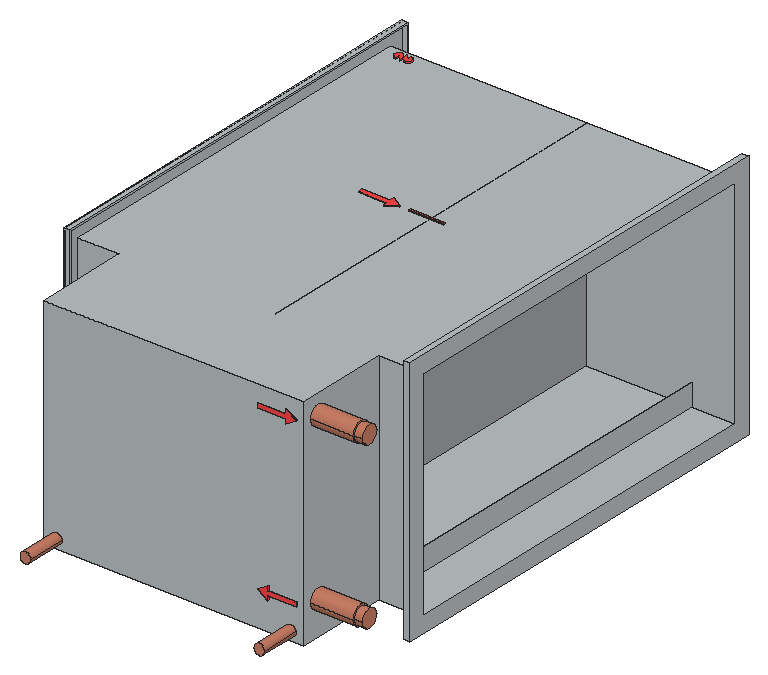
Revit family "NLRS_57_DUA_UN_rectangular-cooloer-acxkkx8-14_LT_sacs", category Duct Accessories, Revit 2023
Family settings
  Round Connector Dimension = Use Diameter
  Part Type = Breaks Into
  OmniClass Number = 23.75.10.24.21
  OmniClass Title = Cooling and Freeze Components
  Work Plane-Based = No
  Always vertical = Yes
  Cut with Voids When Loaded = No
  Shared = No
Parameters (values of type "ACxKKx8-14")
  Water connection Right [instance] = yes
  Type IFC Predefined Type = "Cooler"
  SACS_Y_Offset2 [instance] = if(Water connection Right, SACS_Duct_Width + SACS_Length_Y - 20 mm, 65 mm)  # 540 mm
  SACS_Y_Offset [instance] = if(Water connection Right, 0 mm, SACS_Length_Y + 45 mm)  # 0 mm
  SACS_Warning_Text_Size [instance] = if(SACS_Warning_Size, "Invalid duct size. Nearest larger size selected", " ")  # " "
  SACS_Warning_Text_Other [instance] = if(SACS_Warning_Other, "Selected configuration not allowed", if([Cooler circuits (1-26)] > 22, "Use family ACxKKx23-26", if([Cooler circuits (1-26)] > 14, "Use family ACxKKx15-22", if([Cooler circuits (1-26)] < 8, "Use family ACxKKx1-7", " "))))  # " "
  SACS_Warning_Size [instance] = or(not(NLRS_M_c01_breedte = SACS_Duct_Width), not(NLRS_M_c01_hoogte = SACS_Duct_Height))  # no
  SACS_Warning_Sign [instance] = and(not(SACS_Disable_Warning), or(SACS_Warning_Size, SACS_Warning_Other))  # no
  SACS_Warning_Other [instance] = or([Cooler rows (2-10)] < 2, [Cooler rows (2-10)] > 10, [Cooler circuits (1-26)] < 1, [Cooler circuits (1-26)] > 26)  # no
  SACS_Use_Manual_Airflow [instance] = no
  SACS_Right_Box [instance] = if(Water connection Right, SACS_Duct_Width + SACS_Length_Y, SACS_Y_Offset - 1 mm)  # 560 mm
  SACS_Plenum_L [instance] = if(SACS_Index1 < 7 mm, 400 mm, 500 mm)  # 400 mm
  SACS_Offset2 [instance] = if(Water connection Right, SACS_Right_Box + 45 mm, 45 mm)  # 605 mm
  SACS_Offset1 [instance] = if(Water connection Right, SACS_Right_Box, 0 mm)  # 560 mm
  SACS_Model [instance] = size_lookup(SACS_Data_Hidden, "Model", "NB", SACS_Duct_Width, SACS_Duct_Height, SACS_Index1, SACS_Index2, SACS_Index3)  # "AC2KKR-25-08 450x250"
  SACS_Manual_Airflow [instance] = 0.0 m³/h
  SACS_Left_Box [instance] = if(Water connection Right, SACS_Duct_Width + 1 mm, 45 mm)  # 451 mm
  SACS_Index3 [instance] = if(Water connection Right, 0 mm, 1 mm)  # 0 mm
  SACS_Index2 [instance] = if([Cooler circuits (1-26)] < 1, 1, if([Cooler circuits (1-26)] > 26, 26, [Cooler circuits (1-26)])) * 1 mm  # 8 mm
  SACS_Index1 [instance] = if([Cooler rows (2-10)] < 2, 2, if([Cooler rows (2-10)] > 10, 10, [Cooler rows (2-10)])) * 1 mm  # 2 mm
  SACS_Disable_Warning [instance] = no
  SACS_Data_Hidden [instance] = if(Water connection Right, "AC-KKR_8-14", "AC-KKL_8-14")  # "AC-KKR_8-14"
  SACS_Battery_Length [instance] = SACS_Index1 * 28  # 56 mm
  URL = "https://solid-air.nl/producten/solid-air-nakoeler-ac-k/"
  Type Comments = "Check flow directions, do not mirror!"  # constant formula
  SACS_Y_Offset3 [instance] = if(Water connection Right, -1 mm, SACS_Length_Y - 1 mm)  # -1 mm
  SACS_Type_Mark [instance] = ""
  SACS_Offset_RL [instance] = if(Water connection Right, 20 mm, SACS_Duct_Width + SACS_Length_Y - 19 mm)  # 20 mm
  SACS_Length_Y [instance] = 90 mm + NLRS_P_c01_diameter  # 110 mm
  SACS_Index_Side [instance] = if(Water connection Right, 0, 1)  # 0
  SACS_Flange_Height [instance] = if(or(SACS_Duct_Height > 650 mm, SACS_Duct_Width > 650 mm), 29 mm, 19 mm)  # 19 mm
  SACS_Duct_Width [instance] = if(roundup(NLRS_M_c01_breedte / 50 mm) * 50 < 200, 200 mm, if(roundup(NLRS_M_c01_breedte / 50 mm * 50) > 2000, 2000 mm, roundup(NLRS_M_c01_breedte / 50 mm) * 50 mm))  # 450 mm
  SACS_Duct_Height [instance] = if(roundup(NLRS_M_c01_hoogte / 50 mm) * 50 < 200, 200 mm, if(roundup(NLRS_M_c01_hoogte / 50 mm * 50) > 1600, 1600 mm, roundup(NLRS_M_c01_hoogte / 50 mm) * 50 mm))  # 250 mm
  SACS_Diameter2 [instance] = NLRS_P_c01_diameter + 2 mm  # 22 mm
  SACS_Air_Flow [instance] = 0.0 m³/h
  SA-Select [instance] = "https://saselect.solid-air.nl/"
  NLRS_P_c01_drukverlies_statisch [instance] = 0.0 Pa
  NLRS_P_c01_diameter [instance] = if([Cooler circuits (1-26)] < 8, 15 mm, if([Cooler circuits (1-26)] < 15, 20 mm, if([Cooler circuits (1-26)] < 23, 25 mm, 32 mm)))  # 20 mm
  NLRS_M_c01_hoogte [instance] = 250 mm
  NLRS_M_c01_drukverlies_statisch [instance] = 0.0 Pa
  NLRS_M_c01_breedte [instance] = 450 mm
  NLRS_C_model [instance] = SACS_Model  # "AC2KKR-25-08 450x250"
  NLRS_C_description = Description  # "Cooling battery AC_KK - Rectangular connector - Solid Air"
  NLRS_C_content_versie = "4.23.01"  # constant formula
  NLRS_C_content_provider = "Solid Air Climate Solutions"  # constant formula
  NLRS_C_content_datum_uitgifte = "01-04-2026"  # constant formula
  NLRS_C_content_creator = "J. Feeke"  # constant formula
  NLRS_C_artikel_code [instance] = size_lookup(SACS_Data_Hidden, "Artikelcode", "NB", SACS_Duct_Width, SACS_Duct_Height, SACS_Index1, SACS_Index2, SACS_Index3)  # "NB"
  Export Type to IFC As = "IfcHeatExchanger"
  Default Elevation = 0 mm
  NLRS_P_c01_volumestroom [instance] = 0.0 L/s
  NLRS_M_c01_debiet [instance] = abs(if(SACS_Use_Manual_Airflow, SACS_Manual_Airflow, SACS_Air_Flow))  # 0.0 m³/h
  Model = "AC_KK"  # constant formula
  Manufacturer = "Solid Air Climate Solutions"  # constant formula
  LoadBearing [instance] = 1 = 0  # no
  Keynote = ""
  IsExternal [instance] = 1 = 0  # no
  IfcExportType = "Cooler"  # constant formula
  IfcExportAs = "IfcHeatExchanger"  # constant formula
  IfcDescription = Description  # "Cooling battery AC_KK - Rectangular connector - Solid Air"
  Cooler rows (2-10) [instance] = 2
  FireRating [instance] = "00"  # constant formula
  Description = "Cooling battery AC_KK - Rectangular connector - Solid Air"  # constant formula
  Cost = 0
  Cooler circuits (1-26) [instance] = 8
  Assembly Code = "57.00"
Reference planes
  plane 1 "Center (Front/Back)": y = 0
  plane 2: z = 0
  plane 3 "Center (Left/Right)": x = 0
  plane 4 "top": z = 125
  plane 5 "bottom": z = -125
  plane 6 "left": x = -200
  plane 7 "right": x = 200
  plane 8 "back": y = 225
  plane 9 "Front": y = -225
  plane 10 "box": y = -335
  plane 11: y = -226
  plane 12: y = 225
Forms (mm)
  Sweep 1, solid, material "NLRS_57_sendzimir verzinkt_gen_sacs", detail levels medium+fine
    path in 3D
      loop
        line (0, -225, -125) -> (0, 225, -125) -> (0, 225, 125) -> (0, -225, 125) -> (0, -225, -125)
    profile "casing : casing" origin (0, -225, 0) x (0, 1, 0) y (1, 0, 0)
      loop
        line (0, -200) -> (0, 200) -> (-19, 200) -> (-19, 192.5) -> (-18, 192.5) -> (-18, 199) -> (-1, 199) -> (-1, -199) -> (-18, -199) -> (-18, -192.5) -> (-19, -192.5) -> (-19, -200) -> (0, -200)
  Extrusion 2, solid, material "NLRS_57_sendzimir verzinkt_gen_sacs", detail levels medium+fine
    sketch origin (0, 0, 0) x (1, 0, 0) y (0, 1, 0)
      loop
        line (-150, -226) -> (-150, -335) -> (150, -335) -> (150, -226) -> (-150, -226)
    from -126 to 126
  Extrusion 3, solid, material "Koper", detail levels medium+fine
    sketch origin (200, 0, 0) x (0, 1, 0) y (0, 0, 1)
      loop
        circle (-315, 105) r 11
      loop
        circle (-315, -85) r 11
    from -50 to 0
  Extrusion 4, solid, material "Koper", detail levels medium+fine
    sketch origin (200, 0, 0) x (0, 1, 0) y (0, 0, 1)
      loop
        circle (-315, 105) r 10
      loop
        circle (-315, -85) r 10
    from 0 to 10
  Extrusion 5, solid, material "NLRS_57_anodised aluminium_gen_sacs", detail levels medium+fine
    sketch origin (0, 0, 0) x (1, 0, 0) y (0, 1, 0)
      loop
        line (-28, 225) -> (-28, -225) -> (28, -225) -> (28, 225) -> (-28, 225)
    from -125 to 125
  Extrusion 6, solid, material "SACS_Label", detail levels medium+fine
    sketch origin (0, 0, 125) x (-1, 0, 0) y (0, -1, 0)
      loop
        line (-4.439, -1) -> (-4.439, 1) -> (-44.439, 1) -> (-44.439, -1) -> (-4.439, -1)
    from 1 to 2
  Extrusion 7, solid, material "Koper", detail levels medium+fine
    sketch origin (0, 0, 0) x (1, 0, 0) y (0, 0, 1)
      loop
        circle (-135, -115) r 6
      loop
        circle (135, -115) r 6
    from 335 to 380
  Extrusion 8, solid, material "NLRS_57_sendzimir verzinkt_gen_sacs", detail levels medium+fine
    sketch origin (0, 0, 0) x (1, 0, 0) y (0, 0, 1)
      loop
        line (149, -100) -> (149, -125) -> (150, -125) -> (150, -100) -> (149, -100)
      loop
        line (-150, -100) -> (-150, -125) -> (-149, -125) -> (-149, -100) -> (-150, -100)
    from -225 to 225
Cuts and joins
  joined: Sweep 1, Extrusion 2
Lines and regions (mm)
  model lines, not visible
    curve 1: line (0, 225, 125) -> (0, -225, 125)
    curve 2: line (0, 225, -125) -> (0, 225, 125)
    curve 3: line (0, -225, -125) -> (0, 225, -125)
    curve 4: line (0, -225, 125) -> (0, -225, -125)
  sketch lines
    curve 5: line (0, -225, 125) -> (0, -225, -125)
    curve 6: line (0, 225, 125) -> (0, -225, 125)
    curve 7: line (0, 225, -125) -> (0, 225, 125)
    curve 8: line (0, -225, -125) -> (0, 225, -125)
Dimensions and locks
  equal spacing: plane 4 "top", level, plane 5 "bottom"
  "SACS_Duct_Height": plane 4 "top" to plane 5 "bottom"
  equal spacing: plane 6 "left", plane 3 "Center (Left/Right)", plane 7 "right"
  equal spacing: plane 8 "back", plane 1 "Center (Front/Back)", plane 9 "Front"
  "SACS_Duct_Width": plane 8 "back" to plane 9 "Front"
  "SACS_Plenum_L": plane 6 "left" to plane 7 "right"
  "SACS_Y_Offset": plane 12 to plane 8 "back"
  "SACS_Left_Box": plane 12 to plane 11
  "SACS_Right_Box": plane 12 to plane 10 "box"
  locked: Extrusion 2 sketch curve to plane 7 "right" at 50
  locked: plane 6 "left" to Extrusion 2 sketch curve at 50
  locked: Extrusion 2 to plane 4 "top" at 1
  locked: plane 5 "bottom" to Extrusion 2 at 1
  "SACS_Y_Offset2": Extrusion 3 sketch curve to plane 12
  locked: plane 4 "top" to Extrusion 3 sketch curve at 20
  locked: Extrusion 3 sketch curve to plane 5 "bottom" at 40
  "SACS_Y_Offset2": plane 12 to Extrusion 3 sketch curve
  locked: Extrusion 3 to plane 7 "right" at 50
  locked: Extrusion 4 sketch curve to plane 5 "bottom" at 40
  locked: plane 4 "top" to Extrusion 4 sketch curve at 20
  "SACS_Y_Offset2": plane 12 to Extrusion 4 sketch curve  (x2)
  locked: plane 7 "right" to Extrusion 4 at 10
  equal spacing: Extrusion 5 sketch curve, plane 3 "Center (Left/Right)", Extrusion 5 sketch curve
  "SACS_Battery_Length": Extrusion 5 sketch curve to Extrusion 5 sketch curve
  locked: plane 7 "right" to nested 1 at 80
  locked: plane 7 "right" to nested 2 at 80
  locked: nested 3 to plane 3 "Center (Left/Right)" at 30
  Extrusion 6 sketch curve to plane 1 "Center (Front/Back)" to Extrusion 6 sketch curve = 1 mm locked, 1 mm locked
  locked: plane 6 "left" to nested 4 at 25
  locked: plane 8 "back" to nested 4 at 10
  "SACS_Offset1": plane 12 to Extrusion 7
  "SACS_Offset2": plane 12 to Extrusion 7
  locked: Extrusion 7 sketch curve to plane 5 "bottom" at 10  (x2)
  locked: Extrusion 7 sketch curve to plane 6 "left" at 65
  locked: plane 7 "right" to Extrusion 7 sketch curve at 65
  locked: plane 7 "right" to Extrusion 8 sketch curve at 51
  locked: plane 7 "right" to Extrusion 8 sketch curve at 50
  locked: Extrusion 8 sketch curve to plane 5 "bottom" at 25  (x2)
  locked: Extrusion 8 sketch curve to plane 6 "left" at 50
  locked: Extrusion 8 sketch curve to plane 6 "left" at 51
  locked: nested 1 to plane 5 "bottom" at 40
  locked: plane 4 "top" to nested 2 at 20
  "SACS_Diameter2": diameter of Extrusion 3 sketch curve  (x2)
  "NLRS_P_c01_diameter": diameter of Extrusion 4 sketch curve  (x2)
  aligned and locked: level to plane 2
  aligned and locked: curve 1 to plane 4 "top"
  aligned and locked: plane 9 "Front" to curve 4
  aligned and locked: plane 5 "bottom" to curve 3
  aligned and locked: curve 2 to plane 8 "back"
  aligned and locked: Extrusion 2 sketch curve to plane 11
  aligned and locked: plane 10 "box" to Extrusion 2 sketch curve
  aligned and locked: plane 7 "right" to Extrusion 3
  aligned and locked: plane 8 "back" to Extrusion 5
  aligned and locked: Extrusion 5 to plane 9 "Front"
  aligned and locked: Extrusion 5 to plane 5 "bottom"
  aligned and locked: plane 4 "top" to Extrusion 5
  aligned and locked: plane 1 "Center (Front/Back)" to nested 3
  aligned and locked: plane 3 "Center (Left/Right)" to nested 5
  aligned and locked: plane 5 "bottom" to Extrusion 8 sketch curve
  aligned and locked: Extrusion 8 to plane 9 "Front"
  aligned and locked: plane 8 "back" to Extrusion 8
Automatic sketch dimensions
  plane 3 "Center (Left/Right)" to Extrusion 6 sketch curve = 44.439 mm
  plane 3 "Center (Left/Right)" to Extrusion 6 sketch curve = 4.439 mm
  Extrusion 8 sketch curve to plane 5 "bottom" = 0 mm
  Extrusion 5 sketch curve to plane 9 "Front" = 0 mm
  Extrusion 5 sketch curve to plane 8 "back" = 0 mm
  radius of Extrusion 7 sketch curve = 6 mm  (x2)
Nested families
  nested 1: "arrow" at (120, -336, -85) x (-1, 0, 0) z (0, 1, 0), built-in parameter 1001364 <- "SACS_Y_Offset3", type "arrow", detail levels medium+fine
  nested 2: "arrow" at (120, -336, 105) x (1, 0, 0) z (0, 1, 0), built-in parameter 1001364 <- "SACS_Y_Offset3", type "arrow", detail levels medium+fine
  nested 3: "arrow" at (-30, 0, 126), type "arrow", detail levels medium+fine
  nested 4: "logo_single" at (-175, 215, 125), type "logo_single", detail levels medium+fine
  nested 5: "NK-Symbol" at (0, 0, 125), type "NK-Top", detail levels coarse
  nested 6: "Warning" at (0, 0, 125), visible <- "SACS_Warning_Size", type "Warning", detail levels medium+fine
  nested 7: "NK-Symbol" at (0, 0, 0) x (1, 0, 0) z (0, -1, 0), type "NK-Side"
Connectors
  hvac at (-200, 0, 0), driven by "NLRS_M_c01_hoogte", driven by "NLRS_M_c01_breedte", driven by "NLRS_M_c01_debiet", driven by "NLRS_M_c01_drukverlies_statisch"
    settings: on cut or joined group of Sweep 1, Extrusion 2, index 1, duct flow 0.0 m³/h, flow factor 0, pres drop 0.0 Pa, loss coef 0, conn angle 0.00°, conn width 450 mm, conn height 250 mm, conn diameter 609.6 mm, duct sys type 29, conn prof type 1, flow config 1, flow direction 1, loss method 4, conn ref index -1, conn util no, is conn primary yes, conn desc ""
  hvac at (200, 0, 0), driven by "NLRS_M_c01_hoogte", driven by "NLRS_M_c01_breedte", driven by "SACS_Air_Flow"
    settings: on cut or joined group of Sweep 1, Extrusion 2, index 2, duct flow 0.0 m³/h, flow factor 0, pres drop 0.0 Pa, loss coef 0, conn angle 0.00°, conn width 450 mm, conn height 250 mm, conn diameter 609.6 mm, duct sys type 29, conn prof type 1, flow config 0, flow direction 2, loss method 0, conn ref index -1, conn util no, is conn primary no, conn desc ""
  piping at (200, -315, -85), diameter 20, driven by "NLRS_P_c01_diameter", driven by "NLRS_P_c01_volumestroom", driven by "NLRS_P_c01_drukverlies_statisch"
    settings: on Extrusion 4, index 3, connector inside diameter 24", connector length 0 mm, flow factor 0, pipe flow 0.0 L/s, pressure drop 0.0 Pa, fitting loss kfactor 0, connector angle 0.00°, fixture units 0, engagement length 0 mm, angle of deflection 0.00°, flow configuration 1, flow direction 1, fitting loss method 4, system type 7, joint type 0, gender type 0, connector reference index -1, connector utility 0, adjustable connector no, is connector primary yes, connector description ""
  piping at (200, -315, 105), diameter 20, driven by "NLRS_P_c01_diameter", driven by "NLRS_P_c01_volumestroom", driven by "NLRS_P_c01_drukverlies_statisch"
    settings: on Extrusion 4, index 4, connector inside diameter 24", connector length 0 mm, flow factor 0, pipe flow 0.0 L/s, pressure drop 0.0 Pa, fitting loss kfactor 0, connector angle 0.00°, fixture units 0, engagement length 0 mm, angle of deflection 0.00°, flow configuration 1, flow direction 2, fitting loss method 4, system type 8, joint type 0, gender type 0, connector reference index -1, connector utility 0, adjustable connector no, is connector primary no, connector description ""
Definition of nested family "arrow"
  Parameters (values of type "arrow")
    Default Elevation = 1219.2 mm
  Reference planes
    plane 1 "Center (Front/Back)": y = 0
    plane 2: z = 0
    plane 3 "Center (Left/Right)": x = 0
  Forms (mm)
    Extrusion 1, solid
      sketch origin (0, 48.354, 0) x (-1, 0, 0) y (0, -1, 0)
        loop
          line (22.513, 50.854) -> (-10.002, 50.854) -> (-10.002, 55.854) -> (-22.513, 48.354) -> (-10.002, 40.854) -> (-10.002, 45.854) -> (22.513, 45.854) -> (22.513, 50.854)
      from 0 to 1
  Dimensions and locks
    aligned and locked: level to plane 2
Definition of nested family "logo_single"
  Parameters (values of type "logo_single")
    t = 5 mm
    Model = "LOD 400"
    Description = "Model type"
    Default Elevation = 1219.2 mm
  Reference planes
    plane 1 "Center (Front/Back)": y = 0
    plane 2: z = 0
    plane 3 "Center (Left/Right)": x = 0
    plane 4: z = 2
    plane 5: x = -10
    plane 6: y = -5
    plane 7: y = 5
    plane 8: x = -5
    plane 9: x = 5
    plane 10: x = 10
  Forms (mm)
    Extrusion 1, solid
      sketch origin (-547.644, -297.937, 0) x (1, 0, 0) y (0, 1, 0)
        loop
          arc (542.644, 302.937) -> (537.644, 297.937) -> (542.644, 292.937) r 5
          line (542.644, 292.937) -> (542.644, 297.937) -> (547.644, 292.937) -> (547.644, 297.937) -> (542.644, 302.937)
      from 0 to 2
    Extrusion 2, solid
      sketch origin (0, 0, 0) x (1, 0, 0) y (0, 1, 0)
        loop
          arc (5, -5) -> (10, 0) -> (5, 5) r 5
          line (5, 5) -> (5, 0) -> (0, 5) -> (0, 0) -> (5, -5)
      from 0 to 2
  Dimensions and locks
    "t": plane 7 to plane 1 "Center (Front/Back)"
    "t": plane 6 to plane 1 "Center (Front/Back)"
    "t": plane 5 to plane 8
    "t": plane 8 to plane 3 "Center (Left/Right)"
    "t": plane 3 "Center (Left/Right)" to plane 9
    "t": plane 9 to plane 10
    aligned and locked: level to plane 2
    aligned and locked: plane 4 to Extrusion 1
  Automatic sketch dimensions
    plane 1 "Center (Front/Back)" to Extrusion 1 sketch curve = 0 mm  (x3)
    Extrusion 1 sketch curve to plane 8 = 0 mm
    Extrusion 1 sketch curve to plane 7 = 0 mm
    Extrusion 1 sketch curve to plane 3 "Center (Left/Right)" = 0 mm
    Extrusion 1 sketch curve to plane 6 = 0 mm
    Extrusion 2 sketch curve to plane 3 "Center (Left/Right)" = 0 mm
    plane 1 "Center (Front/Back)" to Extrusion 2 sketch curve = 0 mm  (x3)
    Extrusion 2 sketch curve to plane 6 = 0 mm
    Extrusion 2 sketch curve to plane 9 = 0 mm
    Extrusion 2 sketch curve to plane 7 = 0 mm
Definition of nested family "NK-Symbol"
  Parameters (values of type "NK-Symbol")
    Width = 450 mm
    Length = 400 mm
    Half_Width = Width / 2  # 225 mm
  Reference planes
    plane 1 "Center (Front/Back)": y = 0
    plane 2: z = 0
    plane 3 "Center (Left/Right)": x = 0
    plane 4: x = -200
    plane 5: x = 200
    plane 6: y = -225
    plane 7: y = 225
    plane 8: x = 150
    plane 9: x = -175
    plane 10: y = 200
    plane 11: x = -417.698
    plane 12: y = 67.059
  Lines and regions (mm)
    detail lines, in view "Ref. Level"
      curve 1: line (-200, 225, 0) -> (200, 225, 0)
      curve 2: line (-200, -225, 0) -> (-200, 225, 0)
      curve 3: line (200, -225, 0) -> (-200, -225, 0)
      curve 4: line (200, 225, 0) -> (200, -225, 0)
      curve 5: line (-200, -225, 0) -> (200, 225, 0)
      curve 6: line (125, 0, 0) -> (175, 0, 0)
      curve 7: line (-191.355, 212.5, 0) -> (-191.355, 187.5, 0)
      curve 8: line (-191.355, 200, 0) -> (-178.855, 212.5, 0)
      curve 9: line (-178.855, 187.5, 0) -> (-191.355, 200, 0)
      curve 13: spline (-163.429, 187.5, 0) -> (-165.461, 187.926, 0) -> (-167.355, 189.175, 0) -> (-168.98, 191.161, 0) -> (-170.228, 193.75, 0) -> (-171.012, 196.765, 0) -> (-171.28, 200, 0) -> (-171.012, 203.235, 0) -> (-170.228, 206.25, 0) -> (-168.98, 208.839, 0) -> (-167.355, 210.825, 0) -> (-165.461, 212.074, 0) -> (-163.429, 212.5, 0) -> (-161.397, 212.074, 0) -> (-159.504, 210.825, 0) -> (-157.878, 208.839, 0) -> (-156.631, 206.25, 0) -> (-155.846, 203.235, 0) -> (-155.579, 200, 0) -> (-155.846, 196.765, 0) -> (-156.631, 193.75, 0) -> (-157.878, 191.161, 0) -> (-159.504, 189.175, 0) -> (-161.397, 187.926, 0) -> (-163.429, 187.5, 0)
    detail lines, in view "Ref. Level", not visible
      curve 10: line (-434.053, 79.559, 0) -> (-434.053, 54.559, 0)
      curve 11: line (-434.053, 67.059, 0) -> (-421.553, 79.559, 0)
      curve 12: line (-421.553, 54.559, 0) -> (-434.053, 67.059, 0)
      curve 14: spline (-406.128, 54.559, 0) -> (-408.16, 54.985, 0) -> (-410.053, 56.234, 0) -> (-411.679, 58.22, 0) -> (-412.926, 60.809, 0) -> (-413.711, 63.824, 0) -> (-413.978, 67.059, 0) -> (-413.711, 70.294, 0) -> (-412.926, 73.309, 0) -> (-411.679, 75.898, 0) -> (-410.053, 77.884, 0) -> (-408.16, 79.133, 0) -> (-406.128, 79.559, 0) -> (-404.096, 79.133, 0) -> (-402.202, 77.884, 0) -> (-400.577, 75.898, 0) -> (-399.329, 73.309, 0) -> (-398.545, 70.294, 0) -> (-398.277, 67.059, 0) -> (-398.545, 63.824, 0) -> (-399.329, 60.809, 0) -> (-400.577, 58.22, 0) -> (-402.202, 56.234, 0) -> (-404.096, 54.985, 0) -> (-406.128, 54.559, 0)
  Dimensions and locks
    "Half_Width": plane 1 "Center (Front/Back)" to plane 6
    "Half_Width": plane 7 to plane 1 "Center (Front/Back)"
    "Length": plane 4 to plane 5
    equal spacing: plane 4, plane 3 "Center (Left/Right)", plane 5
    locked: curve 6 to plane 8 at 25
    locked: plane 8 to curve 6 at 25
    locked: plane 4 to plane 9 at 25
    locked: plane 7 to plane 10 at 25
    locked: plane 8 to plane 5 at 50
    aligned and locked: plane 4 to curve 2
    aligned and locked: curve 1 to plane 7
    aligned and locked: curve 4 to plane 5
    aligned and locked: plane 6 to curve 3
    aligned and locked: plane 1 "Center (Front/Back)" to curve 6
  Automatic sketch dimensions
    curve 5 to plane 4 = 0 mm
    curve 7 to curve 9 = 12.5 mm
    curve 7 to curve 8 = 12.5 mm  (x2)
    curve 7 to curve 9 = 0 mm
    curve 13 to curve 13 = 12.5 mm
    curve 8 to curve 7 = 12.5 mm
    curve 9 to curve 13 = 15.425 mm
    curve 9 to curve 13 = 12.5 mm
    curve 10 to curve 12 = 12.5 mm
    curve 10 to curve 11 = 12.5 mm  (x2)
    curve 10 to curve 12 = 0 mm
    curve 14 to curve 14 = 12.5 mm
    curve 11 to curve 10 = 12.5 mm
    curve 12 to curve 14 = 15.425 mm
    curve 12 to curve 14 = 12.5 mm
Definition of nested family "Warning"
  Parameters (values of type "Warning")
    straal = 1000 mm
  Reference planes
    plane 1 "Center (Front/Back)": y = 0
    plane 2: z = 0
    plane 3 "Center (Left/Right)": x = 0
  Lines and regions (mm)
    Filled region 1, type "Solid Fill - Black", in view "Ref. Level"
      outline origin (0, 0, 0) x (1, 0, 0) y (0, 1, 0)
        loop
          line (-25.8, 75) -> (-20, -12.003) -> (20, -12.003) -> (25.8, 75) -> (-25.8, 75)
        loop
          circle (0, -50) r 25
